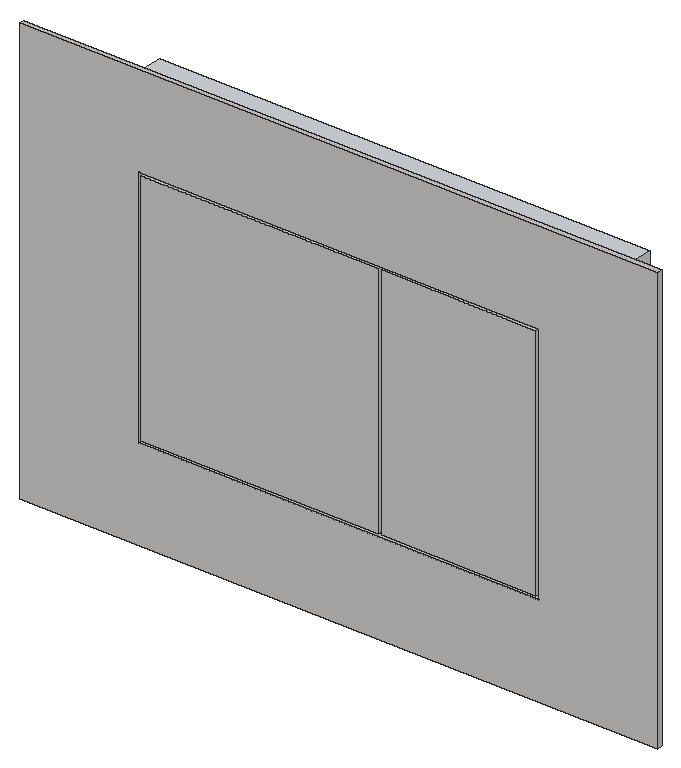
Revit family "A85", category Generic Models, Revit 2021
Family settings
  Can host rebar = No
  Round Connector Dimension = Use Diameter
  Part Type = Normal
  Work Plane-Based = No
  Always vertical = Yes
  Cut with Voids When Loaded = No
  Shared = No
  Room Calculation Point = No
Parameters (values of type "Standard")
  e-mail = "info@vola.com"
  URL = "http://vola.com"
  Telephone = "+45 7023 5500"
  Quality management standard = "ISO 9001"
  Organisation no. / DUNS no. = "17531328"
  Occupational health and safety management standard = "ISO 18001"
  Mounting Instructions = "http://vola.com/service/producturl.ashx?name=A85"
  Model = "A85"
  Materials and components information = "http://vola.com/service/producturl.ashx?name=A85"
  Manufacturer = "VOLA A/S"
  Maintenance Instructions = "http://vola.com/service/producturl.ashx?name=A85"
  Guarantee = "2 years"
  Environmental management standard = "ISO 14000"
  Default Elevation = 0.0000 mm
  Connection - All relevant connections = ""
  Approvals = "http://vola.com/service/producturl.ashx?name=A85"
Reference planes
  plane 1 "Center (Front/Back)": y = 0
  plane 2: z = 0
  plane 3 "Center (Left/Right)": x = 0
Forms (mm)
  Extrusion 1, solid, material "Stainless Steel"
    sketch origin (0, 0, 0) x (1, 0, 0) y (0, 0, 1)
      loop
        line (-123.5, 82.5) -> (-123.5, -82.5) -> (123.5, -82.5) -> (123.5, 82.5) -> (-123.5, 82.5)
      loop
        line (-77.5, 47) -> (-77.5, -47) -> (77.5, -47) -> (77.5, 47) -> (-77.5, 47)
      loop
        line (-76.5, 46) -> (-76.5, -46) -> (15.5, -46) -> (15.5, 46) -> (-76.5, 46)
      loop
        line (76.5, -46) -> (76.5, 46) -> (16.5, 46) -> (16.5, -46) -> (76.5, -46)
    from 0 to 2
  Extrusion 2, solid
    sketch origin (0, 0, 0) x (-1, 0, 0) y (0, 0, 1)
      loop
        line (107, 78) -> (-107, 78) -> (-107, -78) -> (107, -78) -> (107, 78)
    from 0 to 3
  Extrusion 3, solid
    sketch origin (0, 3, 0) x (-1, 0, 0) y (0, 0, 1)
      loop
        line (95, 66) -> (-95, 66) -> (-95, -66) -> (95, -66) -> (95, 66)
    from 0 to 27
Dimensions and locks
  aligned and locked: plane 2 to level
